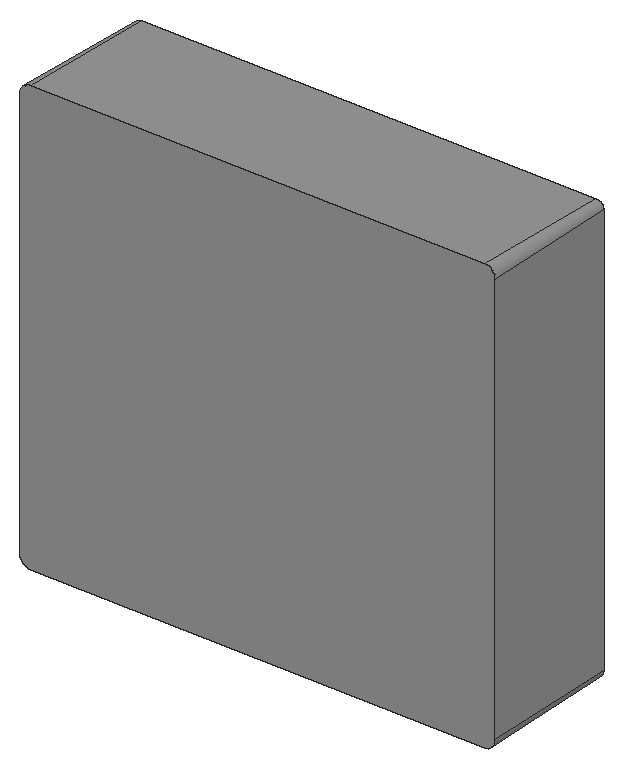
Revit family "L&L_LUCE&LIGHT_PASITO_1.2", category Lighting Fixtures, host Wall, Revit 2018 (continued)
Types (2, lengths in mm): name | Photometric Web File | built-in parameter 1150142
  PASITO_1.2 – Asymmetrical 150°x90° | "PASITO 1.2 AE 150°x90° [2700K 8.5W 24Vdc] white.IES" | "IESNA:LM-63-2002\r\n[TEST] PASITO 20181002-0818.LDT\r\n[TESTLAB] L&L\r\n[TESTDATE] 2 Oct 2018\r\n[ISSUEDATE] 2 Oct 2018\r\n[MANUFAC] L&L\r\n[LUMCAT] PASITO 1.2 AE 150°x90° [2700K 8.5W 24Vdc] white\r\n[LUMINAIRE] PASITO 1.2 AE 150°x90° [2700K 8.5W 24Vdc] white\r\n[FLASHAREA] 0.000015\r\n[LAMPCAT] Power LED\r\n[LAMP] Power LED\r\nTILT=NONE\r\n1 354.00 1.0 181 73 1 2 0.002 0.030 0.000\r\n1.00 1.00 8.50\r\n0.00 1.00 2.00 3.00 4.00 5.00 6.00 7.00 8.00 9.00 10.00 \r\n11.00 12.00 13.00 14.00 15.00 16.00 17.00 18.00 19.00 \r\n20.00 21.00 22.00 23.00 24.00 25.00 26.00 27.00 28.00 \r\n29.00 30.00 31.00 32.00 33.00 34.00 35.00 36.00 37.00 \r\n38.00 39.00 40.00 41.00 42.00 43.00 44.00 45.00 46.00 \r\n47.00 48.00 49.00 50.00 51.00 52.00 53.00 54.00 55.00 \r\n56.00 57.00 58.00 59.00 60.00 61.00 62.00 63.00 64.00 \r\n65.00 66.00 67.00 68.00 69.00 70.00 71.00 72.00 73.00 \r\n74.00 75.00 76.00 77.00 78.00 79.00 80.00 81.00 82.00 \r\n83.00 84.00 85.00 86.00 87.00 88.00 89.00 90.00 91.00 \r\n92.00 93.00 94.00 95.00 96.00 97.00 98.00 99.00 100.00 \r\n101.00 102.00 103.00 104.00 105.00 106.00 107.00 108.00 \r\n109.00 110.00 111.00 112.00 113.00 114.00 115.00 116.00 \r\n117.00 118.00 119.00 120.00 121.00 122.00 123.00 124.00 \r\n125.00 126.00 127.00 128.00 129.00 130.00 131.00 132.00 \r\n133.00 134.00 135.00 136.00 137.00 138.00 139.00 140.00 \r\n141.00 142.00 143.00 144.00 145.00 146.00 147.00 148.00 \r\n149.00 150.00 151.00 152.00 153.00 154.00 155.00 156.00 \r\n157.00 158.00 159.00 160.00 161.00 162.00 163.00 164.00 \r\n165.00 166.00 167.00 168.00 169.00 170.00 171.00 172.00 \r\n173.00 174.00 175.00 176.00 177.00 178.00 179.00 180.00 \r\n0.00 5.00 10.00 15.00 20.00 25.00 30.00 35.00 40.00 45.00 \r\n50.00 55.00 60.00 65.00 70.00 75.00 80.00 85.00 90.00 \r\n95.00 100.00 105.00 110.00 115.00 120.00 125.00 130.00 \r\n135.00 140.00 145.00 150.00 155.00 160.00 165.00 170.00 \r\n175.00 180.00 185.00 190.00 195.00 200.00 205.00 210.00 \r\n215.00 220.00 225.00 230.00 235.00 240.00 245.00 250.00 \r\n255.00 260.00 265.00 270.00 275.00 280.00 285.00 290.00 \r\n295.00 300.00 305.00 310.00 315.00 320.00 325.00 330.00 \r\n335.00 340.00 345.00 350.00 355.00 360.00 \r\n0.14 0.14 0.13 0.13 0.13 0.13 0.13 0.13 0.14 0.14 0.15 \r\n0.15 0.16 0.17 0.17 0.18 0.19 0.20 0.21 0.22 0.22 0.23 \r\n0.24 0.25 0.26 0.27 0.28 0.29 0.30 0.31 0.32 0.33 0.34 \r\n0.36 0.37 0.38 0.39 0.40 0.41 0.42 0.43 0.44 0.46 0.47 \r\n0.48 0.49 0.50 0.51 0.52 0.53 0.54 0.55 0.56 0.57 0.58 \r\n0.59 0.60 0.61 0.62 0.63 0.64 0.65 0.66 0.67 0.68 0.69 \r\n0.70 0.71 0.71 0.72 0.73 0.74 0.75 0.76 0.76 0.77 0.78 \r\n0.79 0.79 0.80 0.81 0.82 0.83 0.83 0.84 0.85 0.86 0.86 \r\n0.87 0.88 0.88 0.89 0.89 0.90 0.90 0.90 0.91 0.91 0.91 \r\n0.91 0.91 0.91 0.91 0.91 0.91 0.90 0.90 0.90 0.89 0.88 \r\n0.88 0.87 0.86 0.85 0.84 0.83 0.82 0.81 0.80 0.79 0.78 \r\n0.77 0.77 0.76 0.75 0.74 0.73 0.72 0.71 0.70 0.69 0.68 \r\n0.67 0.65 0.64 0.62 0.61 0.59 0.58 0.56 0.55 0.53 0.51 \r\n0.49 0.48 0.46 0.44 0.42 0.40 0.39 0.37 0.35 0.33 0.32 \r\n0.30 0.28 0.27 0.25 0.23 0.22 0.20 0.19 0.18 0.16 0.15 \r\n0.13 0.12 0.11 0.09 0.08 0.08 0.08 0.07 0.07 0.07 0.07 \r\n0.06 0.05 0.03 0.02 0.02 \r\n0.14 0.13 0.11 0.10 0.09 0.08 0.07 0.06 0.05 0.03 0.02 \r\n0.01 0.00 0.00 0.00 0.00 0.00 0.00 0.00 0.00 0.00 0.00 \r\n0.00 0.00 0.00 0.00 0.00 0.00 0.00 0.00 0.00 0.00 0.00 \r\n0.00 0.00 0.00 0.00 0.00 0.00 0.00 0.00 0.00 0.00 0.00 \r\n0.00 0.00 0.00 0.00 0.00 0.00 0.00 0.00 0.00 0.00 0.00 \r\n0.00 0.00 0.00 0.00 0.00 0.00 0.00 0.00 0.00 0.00 0.00 \r\n0.00 0.00 0.00 0.00 0.00 0.00 0.00 0.00 0.00 0.00 0.00 \r\n0.00 0.00 0.00 0.00 0.00 0.00 0.00 0.00 0.00 0.00 0.00 \r\n0.00 0.00 0.00 0.00 0.00 0.00 0.00 0.00 0.00 0.00 0.00 \r\n0.00 0.00 0.00 0.00 0.00 0.00 0.00 0.00 0.00 0.00 0.00 \r\n0.00 0.00 0.00 0.00 0.00 0.00 0.00 0.00 0.00 0.00 0.00 \r\n0.00 0.00 0.00 0.00 0.00 0.00 0.00 0.00 0.00 0.00 0.00 \r\n0.00 0.00 0.00 0.00 0.00 0.00 0.00 0.00 0.00 0.00 0.00 \r\n0.00 0.00 0.00 0.00 0.00 0.00 0.00 0.00 0.00 0.00 0.00 \r\n0.00 0.00 0.00 0.00 0.00 0.00 0.00 0.00 0.00 0.00 0.00 \r\n0.00 0.00 0.00 0.00 0.00 0.01 0.01 0.01 0.02 0.02 0.03 \r\n0.03 0.03 0.02 0.02 0.02 \r\n0.14 0.12 0.09 0.07 0.04 0.02 0.00 0.00 0.00 0.00 0.00 \r\n0.00 0.00 0.00 0.00 0.00 0.00 0.00 0.00 0.00 0.00 0.00 \r\n0.00 0.00 0.00 0.00 0.00 0.00 0.00 0.00 0.00 0.00 0.00 \r\n0.00 0.00 0.00 0.00 0.00 0.00 0.00 0.00 0.00 0.00 0.00 \r\n0.00 0.00 0.00 0.00 0.00 0.00 0.00 0.00 0.00 0.00 0.00 \r\n0.00 0.00 0.00 0.00 0.00 0.00 0.00 0.00 0.00 0.00 0.00 \r\n0.00 0.00 0.00 0.00 0.00 0.00 0.00 0.00 0.00 0.00 0.00 \r\n0.00 0.00 0.00 0.00 0.00 0.00 0.00 0.00 0.00 0.00 0.00 \r\n0.00 0.00 0.00 0.00 0.00 0.00 0.00 0.00 0.00 0.00 0.00 \r\n0.00 0.00 0.00 0.00 0.00 0.00 0.00 0.00 0.00 0.00 0.00 \r\n0.00 0.00 0.00 0.00 0.00 0.00 0.00 0.00 0.00 0.00 0.00 \r\n0.00 0.00 0.00 0.00 0.00 0.00 0.00 0.00 0.00 0.00 0.00 \r\n0.00 0.00 0.00 0.00 0.00 0.00 0.00 0.00 0.00 0.00 0.00 \r\n0.00 0.00 0.00 0.00 0.00 0.00 0.00 0.00 0.00 0.00 0.00 \r\n0.00 0.00 0.00 0.00 0.00 0.00 0.00 0.00 0.00 0.00 0.00 \r\n0.00 0.00 0.00 0.00 0.00 0.00 0.00 0.00 0.00 0.00 0.01 \r\n0.01 0.01 0.02 0.02 0.02 \r\n0.14 0.11 0.07 0.03 0.00 0.00 0.00 0.00 0.00 0.00 0.00 \r\n0.00 0.00 0.00 0.00 0.00 0.00 0.00 0.00 0.00 0.00 0.00 \r\n0.00 0.00 0.00 0.00 0.00 0.00 0.00 0.00 0.00 0.00 0.00 \r\n0.00 0.00 0.00 0.00 0.00 0.00 0.00 0.00 0.00 0.00 0.00 \r\n0.00 0.00 0.00 0.00 0.00 0.00 0.00 0.00 0.00 0.00 0.00 \r\n0.00 0.00 0.00 0.00 0.00 0.00 0.00 0.00 0.00 0.00 0.00 \r\n0.00 0.00 0.00 0.00 0.00 0.00 0.00 0.00 0.00 0.00 0.00 \r\n0.00 0.00 0.00 0.00 0.00 0.00 0.00 0.00 0.00 0.00 0.00 \r\n0.00 0.00 0.00 0.00 0.00 0.00 0.00 0.00 0.00 0.00 0.00 \r\n0.00 0.00 0.00 0.00 0.00 0.00 0.00 0.00 0.00 0.00 0.00 \r\n0.00 0.00 0.00 0.00 0.00 0.00 0.00 0.00 0.00 0.00 0.00 \r\n0.00 0.00 0.00 0.00 0.00 0.00 0.00 0.00 0.00 0.00 0.00 \r\n0.00 0.00 0.00 0.00 0.00 0.00 0.00 0.00 0.00 0.00 0.00 \r\n0.00 0.00 0.00 0.00 0.00 0.00 0.00 0.00 0.00 0.00 0.00 \r\n0.00 0.00 0.00 0.00 0.00 0.00 0.00 0.00 0.00 0.00 0.00 \r\n0.00 0.00 0.00 0.00 0.00 0.00 0.00 0.00 0.00 0.00 0.00 \r\n0.00 0.01 0.01 0.01 0.02 \r\n0.14 0.09 0.05 0.00 0.00 0.00 0.00 0.00 0.00 0.00 0.00 \r\n0.00 0.00 0.00 0.00 0.00 0.00 0.00 0.00 0.00 0.00 0.00 \r\n0.00 0.00 0.00 0.00 0.00 0.00 0.00 0.00 0.00 0.00 0.00 \r\n0.00 0.00 0.00 0.00 0.00 0.00 0.00 0.00 0.00 0.00 0.00 \r\n0.00 0.00 0.00 0.00 0.00 0.00 0.00 0.00 0.00 0.00 0.00 \r\n0.00 0.00 0.00 0.00 0.00 0.00 0.00 0.00 0.00 0.00 0.00 \r\n0.00 0.00 0.00 0.00 0.00 0.00 0.00 0.00 0.00 0.00 0.00 \r\n0.00 0.00 0.00 0.00 0.00 0.00 0.00 0.00 0.00 0.00 0.00 \r\n0.00 0.00 0.00 0.00 0.00 0.00 0.00 0.00 0.00 0.00 0.00 \r\n0.00 0.00 0.00 0.00 0.00 0.00 0.00 0.00 0.00 0.00 0.00 \r\n0.00 0.00 0.00 0.00 0.00 0.00 0.00 0.00 0.00 0.00 0.00 \r\n0.00 0.00 0.00 0.00 0.00 0.00 0.00 0.00 0.00 0.00 0.00 \r\n0.00 0.00 0.00 0.00 0.00 0.00 0.00 0.00 0.00 0.00 0.00 \r\n0.00 0.00 0.00 0.00 0.00 0.00 0.00 0.00 0.00 0.00 0.00 \r\n0.00 0.00 0.00 0.00 0.00 0.00 0.00 0.00 0.00 0.00 0.00 \r\n0.00 0.00 0.00 0.00 0.00 0.00 0.00 0.00 0.00 0.00 0.00 \r\n0.00 0.00 0.01 0.01 0.02 \r\n0.14 0.09 0.02 0.00 0.00 0.00 0.00 0.00 0.00 0.00 0.00 \r\n0.00 0.00 0.00 0.00 0.00 0.00 0.00 0.00 0.00 0.00 0.00 \r\n0.00 0.00 0.00 0.00 0.00 0.00 0.00 0.00 0.00 0.00 0.00 \r\n0.00 0.00 0.00 0.00 0.00 0.00 0.00 0.00 0.00 0.00 0.00 \r\n0.00 0.00 0.00 0.00 0.00 0.00 0.00 0.00 0.00 0.00 0.00 \r\n0.00 0.00 0.00 0.00 0.00 0.00 0.00 0.00 0.00 0.00 0.00 \r\n0.00 0.00 0.00 0.00 0.00 0.00 0.00 0.00 0.00 0.00 0.00 \r\n0.00 0.00 0.00 0.00 0.00 0.00 0.00 0.00 0.00 0.00 0.00 \r\n0.00 0.00 0.00 0.00 0.00 0.00 0.00 0.00 0.00 0.00 0.00 \r\n0.00 0.00 0.00 0.00 0.00 0.00 0.00 0.00 0.00 0.00 0.00 \r\n0.00 0.00 0.00 0.00 0.00 0.00 0.00 0.00 0.00 0.00 0.00 \r\n0.00 0.00 0.00 0.00 0.00 0.00 0.00 0.00 0.00 0.00 0.00 \r\n0.00 0.00 0.00 0.00 0.00 0.00 0.00 0.00 0.00 0.00 0.00 \r\n0.00 0.00 0.00 0.00 0.00 0.00 0.00 0.00 0.00 0.00 0.00 \r\n0.00 0.00 0.00 0.00 0.00 0.00 0.00 0.00 0.00 0.00 0.00 \r\n0.00 0.00 0.00 0.00 0.00 0.00 0.00 0.00 0.00 0.00 0.00 \r\n0.00 0.00 0.00 0.01 0.02 \r\n0.14 0.08 0.00 0.00 0.00 0.00 0.00 0.00 0.00 0.00 0.00 \r\n0.00 0.00 0.00 0.00 0.00 0.00 0.00 0.00 0.00 0.00 0.00 \r\n0.00 0.00 0.00 0.00 0.00 0.00 0.00 0.00 0.00 0.00 0.00 \r\n0.00 0.00 0.00 0.00 0.00 0.00 0.00 0.00 0.00 0.00 0.00 \r\n0.00 0.00 0.00 0.00 0.00 0.00 0.00 0.00 0.00 0.00 0.00 \r\n0.00 0.00 0.00 0.00 0.00 0.00 0.00 0.00 0.00 0.00 0.00 \r\n0.00 0.00 0.00 0.00 0.00 0.00 0.00 0.00 0.00 0.00 0.00 \r\n0.00 0.00 0.00 0.00 0.00 0.00 0.00 0.00 0.00 0.00 0.00 \r\n0.00 0.00 0.00 0.00 0.00 0.00 0.00 0.00 0.00 0.00 0.00 \r\n0.00 0.00 0.00 0.00 0.00 0.00 0.00 0.00 0.00 0.00 0.00 \r\n0.00 0.00 0.00 0.00 0.00 0.00 0.00 0.00 0.00 0.00 0.00 \r\n0.00 0.00 0.00 0.00 0.00 0.00 0.00 0.00 0.00 0.00 0.00 \r\n0.00 0.00 0.00 0.00 0.00 0.00 0.00 0.00 0.00 0.00 0.00 \r\n0.00 0.00 0.00 0.00 0.00 0.00 0.00 0.00 0.00 0.00 0.00 \r\n0.00 0.00 0.00 0.00 0.00 0.00 0.00 0.00 0.00 0.00 0.00 \r\n0.00 0.00 0.00 0.00 0.00 0.00 0.00 0.00 0.00 0.00 0.00 \r\n0.00 0.00 0.00 0.01 0.02 \r\n0.14 0.06 0.00 0.00 0.00 0.00 0.00 0.00 0.00 0.00 0.00 \r\n0.00 0.00 0.00 0.00 0.00 0.00 0.00 0.00 0.00 0.00 0.00 \r\n0.00 0.00 0.00 0.00 0.00 0.00 0.00 0.00 0.00 0.00 0.00 \r\n0.00 0.00 0.00 0.00 0.00 0.00 0.00 0.00 0.00 0.00 0.00 \r\n0.00 0.00 0.00 0.00 0.00 0.00 0.00 0.00 0.00 0.00 0.00 \r\n0.00 0.00 0.00 0.00 0.00 0.00 0.00 0.00 0.00 0.00 0.00 \r\n0.00 0.00 0.00 0.00 0.00 0.00 0.00 0.00 0.00 0.00 0.00 \r\n0.00 0.00 0.00 0.00 0.00 0.00 0.00 0.00 0.00 0.00 0.00 \r\n0.00 0.00 0.00 0.00 0.00 0.00 0.00 0.00 0.00 0.00 0.00 \r\n0.00 0.00 0.00 0.00 0.00 0.00 0.00 0.00 0.00 0.00 0.00 \r\n0.00 0.00 0.00 0.00 0.00 0.00 0.00 0.00 0.00 0.00 0.00 \r\n0.00 0.00 0.00 0.00 0.00 0.00 0.00 0.00 0.00 0.00 0.00 \r\n0.00 0.00 0.00 0.00 0.00 0.00 0.00 0.00 0.00 0.00 0.00 \r\n0.00 0.00 0.00 0.00 0.00 0.00 0.00 0.00 0.00 0.00 0.00 \r\n0.00 0.00 0.00 0.00 0.00 0.00 0.00 0.00 0.00 0.00 0.00 \r\n0.00 0.00 0.00 0.00 0.00 0.00 0.00 0.00 0.00 0.00 0.00 \r\n0.00 0.00 0.00 0.00 0.02 \r\n0.14 0.05 0.00 0.00 0.00 0.00 0.00 0.00 0.00 0.00 0.00 \r\n0.00 0.00 0.00 0.00 0.00 0.00 0.00 0.00 0.00 0.00 0.00 \r\n0.00 0.00 0.00 0.00 0.00 0.00 0.00 0.00 0.00 0.00 0.00 \r\n0.00 0.00 0.00 0.00 0.00 0.00 0.00 0.00 0.00 0.00 0.00 \r\n0.00 0.00 0.00 0.00 0.00 0.00 0.00 0.00 0.00 0.00 0.00 \r\n0.00 0.00 0.00 0.00 0.00 0.00 0.00 0.00 0.00 0.00 0.00 \r\n0.00 0.00 0.00 0.00 0.00 0.00 0.00 0.00 0.00 0.00 0.00 \r\n0.00 0.00 0.00 0.00 0.00 0.00 0.00 0.00 0.00 0.00 0.00 \r\n0.00 0.00 0.00 0.00 0.00 0.00 0.00 0.00 0.00 0.00 0.00 \r\n0.00 0.00 0.00 0.00 0.00 0.00 0.00 0.00 0.00 0.00 0.00 \r\n0.00 0.00 0.00 0.00 0.00 0.00 0.00 0.00 0.00 0.00 0.00 \r\n0.00 0.00 0.00 0.00 0.00 0.00 0.00 0.00 0.00 0.00 0.00 \r\n0.00 0.00 0.00 0.00 0.00 0.00 0.00 0.00 0.00 0.00 0.00 \r\n0.00 0.00 0.00 0.00 0.00 0.00 0.00 0.00 0.00 0.00 0.00 \r\n0.00 0.00 0.00 0.00 0.00 0.00 0.00 0.00 0.00 0.00 0.00 \r\n0.00 0.00 0.00 0.00 0.00 0.00 0.00 0.00 0.00 0.00 0.00 \r\n0.00 0.00 0.00 0.00 0.02 \r\n0.14 0.04 0.00 0.00 0.00 0.00 0.00 0.00 0.00 0.00 0.00 \r\n0.00 0.00 0.00 0.00 0.00 0.00 0.00 0.00 0.00 0.00 0.00 \r\n0.00 0.00 0.00 0.00 0.00 0.00 0.00 0.00 0.00 0.00 0.00 \r\n0.00 0.00 0.00 0.00 0.00 0.00 0.00 0.00 0.00 0.00 0.00 \r\n0.00 0.00 0.00 0.00 0.00 0.00 0.00 0.00 0.00 0.00 0.00 \r\n0.00 0.00 0.00 0.00 0.00 0.00 0.00 0.00 0.00 0.00 0.00 \r\n0.00 0.00 0.00 0.00 0.00 0.00 0.00 0.00 0.00 0.00 0.00 \r\n0.00 0.00 0.00 0.00 0.00 0.00 0.00 0.00 0.00 0.00 0.00 \r\n0.00 0.00 0.00 0.00 0.00 0.00 0.00 0.00 0.00 0.00 0.00 \r\n0.00 0.00 0.00 0.00 0.00 0.00 0.00 0.00 0.00 0.00 0.00 \r\n0.00 0.00 0.00 0.00 0.00 0.00 0.00 0.00 0.00 0.00 0.00 \r\n0.00 0.00 0.00 0.00 0.00 0.00 0.00 0.00 0.00 0.00 0.00 \r\n0.00 0.00 0.00 0.00 0.00 0.00 0.00 0.00 0.00 0.00 0.00 \r\n0.00 0.00 0.00 0.00 0.00 0.00 0.00 0.00 0.00 0.00 0.00 \r\n0.00 0.00 0.00 0.00 0.00 0.00 0.00 0.00 0.00 0.00 0.00 \r\n0.00 0.00 0.00 0.00 0.00 0.00 0.00 0.00 0.00 0.00 0.00 \r\n0.00 0.00 0.00 0.00 0.02 \r\n0.14 0.04 0.00 0.00 0.00 0.00 0.00 0.00 0.00 0.00 0.00 \r\n0.00 0.00 0.00 0.00 0.00 0.00 0.00 0.00 0.00 0.00 0.00 \r\n0.00 0.00 0.00 0.00 0.00 0.00 0.00 0.00 0.00 0.00 0.00 \r\n0.00 0.00 0.00 0.00 0.00 0.00 0.00 0.00 0.00 0.00 0.00 \r\n0.00 0.00 0.00 0.00 0.00 0.00 0.00 0.00 0.00 0.00 0.00 \r\n0.00 0.00 0.00 0.00 0.00 0.00 0.00 0.00 0.00 0.00 0.00 \r\n0.00 0.00 0.00 0.00 0.00 0.00 0.00 0.00 0.00 0.00 0.00 \r\n0.00 0.00 0.00 0.00 0.00 0.00 0.00 0.00 0.00 0.00 0.00 \r\n0.00 0.00 0.00 0.00 0.00 0.00 0.00 0.00 0.00 0.00 0.00 \r\n0.00 0.00 0.00 0.00 0.00 0.00 0.00 0.00 0.00 0.00 0.00 \r\n0.00 0.00 0.00 0.00 0.00 0.00 0.00 0.00 0.00 0.00 0.00 \r\n0.00 0.00 0.00 0.00 0.00 0.00 0.00 0.00 0.00 0.00 0.00 \r\n0.00 0.00 0.00 0.00 0.00 0.00 0.00 0.00 0.00 0.00 0.00 \r\n0.00 0.00 0.00 0.00 0.00 0.00 0.00 0.00 0.00 0.00 0.00 \r\n0.00 0.00 0.00 0.00 0.00 0.00 0.00 0.00 0.00 0.00 0.00 \r\n0.00 0.00 0.00 0.00 0.00 0.00 0.00 0.00 0.00 0.00 0.00 \r\n0.00 0.00 0.00 0.00 0.02 \r\n0.14 0.03 0.00 0.00 0.00 0.00 0.00 0.00 0.00 0.00 0.00 \r\n0.00 0.00 0.00 0.00 0.00 0.00 0.00 0.00 0.00 0.00 0.00 \r\n0.00 0.00 0.00 0.00 0.00 0.00 0.00 0.00 0.00 0.00 0.00 \r\n0.00 0.00 0.00 0.00 0.00 0.00 0.00 0.00 0.00 0.00 0.00 \r\n0.00 0.00 0.00 0.00 0.00 0.00 0.00 0.00 0.00 0.00 0.00 \r\n0.00 0.00 0.00 0.00 0.00 0.00 0.00 0.00 0.00 0.00 0.00 \r\n0.00 0.00 0.00 0.00 0.00 0.00 0.00 0.00 0.00 0.00 0.00 \r\n0.00 0.00 0.00 0.00 0.00 0.00 0.00 0.00 0.00 0.00 0.00 \r\n0.00 0.00 0.00 0.00 0.00 0.00 0.00 0.00 0.00 0.00 0.00 \r\n0.00 0.00 0.00 0.00 0.00 0.00 0.00 0.00 0.00 0.00 0.00 \r\n0.00 0.00 0.00 0.00 0.00 0.00 0.00 0.00 0.00 0.00 0.00 \r\n0.00 0.00 0.00 0.00 0.00 0.00 0.00 0.00 0.00 0.00 0.00 \r\n0.00 0.00 0.00 0.00 0.00 0.00 0.00 0.00 0.00 0.00 0.00 \r\n0.00 0.00 0.00 0.00 0.00 0.00 0.00 0.00 0.00 0.00 0.00 \r\n0.00 0.00 0.00 0.00 0.00 0.00 0.00 0.00 0.00 0.00 0.00 \r\n0.00 0.00 0.00 0.00 0.00 0.00 0.00 0.00 0.00 0.00 0.00 \r\n0.00 0.00 0.00 0.00 0.02 \r\n0.14 0.02 0.00 0.00 0.00 0.00 0.00 0.00 0.00 0.00 0.00 \r\n0.00 0.00 0.00 0.00 0.00 0.00 0.00 0.00 0.00 0.00 0.00 \r\n0.00 0.00 0.00 0.00 0.00 0.00 0.00 0.00 0.00 0.00 0.00 \r\n0.00 0.00 0.00 0.00 0.00 0.00 0.00 0.00 0.00 0.00 0.00 \r\n0.00 0.00 0.00 0.00 0.00 0.00 0.00 0.00 0.00 0.00 0.00 \r\n0.00 0.00 0.00 0.00 0.00 0.00 0.00 0.00 0.00 0.00 0.00 \r\n0.00 0.00 0.00 0.00 0.00 0.00 0.00 0.00 0.00 0.00 0.00 \r\n0.00 0.00 0.00 0.00 0.00 0.00 0.00 0.00 0.00 0.00 0.00 \r\n0.00 0.00 0.00 0.00 0.00 0.00 0.00 0.00 0.00 0.00 0.00 \r\n0.00 0.00 0.00 0.00 0.00 0.00 0.00 0.00 0.00 0.00 0.00 \r\n0.00 0.00 0.00 0.00 0.00 0.00 0.00 0.00 0.00 0.00 0.00 \r\n0.00 0.00 0.00 0.00 0.00 0.00 0.00 0.00 0.00 0.00 0.00 \r\n0.00 0.00 0.00 0.00 0.00 0.00 0.00 0.00 0.00 0.00 0.00 \r\n0.00 0.00 0.00 0.00 0.00 0.00 0.00 0.00 0.00 0.00 0.00 \r\n0.00 0.00 0.00 0.00 0.00 0.00 0.00 0.00 0.00 0.00 0.00 \r\n0.00 0.00 0.00 0.00 0.00 0.00 0.00 0.00 0.00 0.00 0.00 \r\n0.00 0.00 0.00 0.00 0.02 \r\n0.14 0.01 0.00 0.00 0.00 0.00 0.00 0.00 0.00 0.00 0.00 \r\n0.00 0.00 0.00 0.00 0.00 0.00 0.00 0.00 0.00 0.00 0.00 \r\n0.00 0.00 0.00 0.00 0.00 0.00 0.00 0.00 0.00 0.00 0.00 \r\n0.00 0.00 0.00 0.00 0.00 0.00 0.00 0.00 0.00 0.00 0.00 \r\n0.00 0.00 0.00 0.00 0.00 0.00 0.00 0.00 0.00 0.00 0.00 \r\n0.00 0.00 0.00 0.00 0.00 0.00 0.00 0.00 0.00 0.00 0.00 \r\n0.00 0.00 0.00 0.00 0.00 0.00 0.00 0.00 0.00 0.00 0.00 \r\n0.00 0.00 0.00 0.00 0.00 0.00 0.00 0.00 0.00 0.00 0.00 \r\n0.00 0.00 0.00 0.00 0.00 0.00 0.00 0.00 0.00 0.00 0.00 \r\n0.00 0.00 0.00 0.00 0.00 0.00 0.00 0.00 0.00 0.00 0.00 \r\n0.00 0.00 0.00 0.00 0.00 0.00 0.00 0.00 0.00 0.00 0.00 \r\n0.00 0.00 0.00 0.00 0.00 0.00 0.00 0.00 0.00 0.00 0.00 \r\n0.00 0.00 0.00 0.00 0.00 0.00 0.00 0.00 0.00 0.00 0.00 \r\n0.00 0.00 0.00 0.00 0.00 0.00 0.00 0.00 0.00 0.00 0.00 \r\n0.00 0.00 0.00 0.00 0.00 0.00 0.00 0.00 0.00 0.00 0.00 \r\n0.00 0.00 0.00 0.00 0.00 0.00 0.00 0.00 0.00 0.00 0.00 \r\n0.00 0.00 0.00 0.00 0.02 \r\n0.14 0.01 0.00 0.00 0.00 0.00 0.00 0.00 0.00 0.00 0.00 \r\n0.00 0.00 0.00 0.00 0.00 0.00 0.00 0.00 0.00 0.00 0.00 \r\n0.00 0.00 0.00 0.00 0.00 0.00 0.00 0.00 0.00 0.00 0.00 \r\n0.00 0.00 0.00 0.00 0.00 0.00 0.00 0.00 0.00 0.00 0.00 \r\n0.00 0.00 0.00 0.00 0.00 0.00 0.00 0.00 0.00 0.00 0.00 \r\n0.00 0.00 0.00 0.00 0.00 0.00 0.00 0.00 0.00 0.00 0.00 \r\n0.00 0.00 0.00 0.00 0.00 0.00 0.00 0.00 0.00 0.00 0.00 \r\n0.00 0.00 0.00 0.00 0.00 0.00 0.00 0.00 0.00 0.00 0.00 \r\n0.00 0.00 0.00 0.00 0.00 0.00 0.00 0.00 0.00 0.00 0.00 \r\n0.00 0.00 0.00 0.00 0.00 0.00 0.00 0.00 0.00 0.00 0.00 \r\n0.00 0.0
